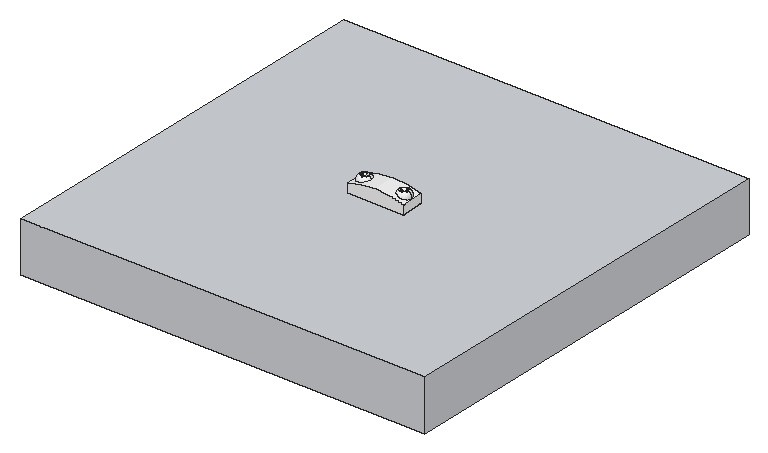
Revit family "LZ_SERIES", category Lighting Fixtures, host Face, Revit 2021
Family settings
  Host = Face
  Round Connector Dimension = Use Diameter
  Part Type = Normal
  OmniClass Number = 23.80.70.11.21
  OmniClass Title = Emergency Lighting
  Cut with Voids When Loaded = No
  Light Source = Yes
  Shared = No
  Room Calculation Point = No
Parameters (values of type "LZ-White")
  Wattage Comments = "5-10 W"
  Wattage = 10 W
  built-in parameter 1150110 = 1 (stored number, unit not read)
  URL = "https://www.currentlighting.com/dual-lite"
  built-in parameter 1114217 = 1 (stored number, unit not read)
  built-in parameter 1150109 = 1 (stored number, unit not read)
  built-in parameter 1150134 = 3
  built-in parameter 1150113 = 1 (stored number, unit not read)
  Reflector = Glass
  Product Page URL = ""
  Product Documentation Link = ""
  Model = "LZ"  # constant formula
  Manufacturer = "Dual-Lite"  # constant formula
  built-in parameter 1150105 = 118.21 (stored number, unit not read)
  Lumens = 1485.42 lm
  built-in parameter 1150115 = 1 (stored number, unit not read)
  Light Source Symbol Size = 0.400"
  built-in parameter 1150137 = (empty or 0)
  built-in parameter 1150139 = (empty or 0)
  built-in parameter 1150112 = 1 (stored number, unit not read)
  built-in parameter 1150114 = 1 (stored number, unit not read)
  Lamp = "2 HALOGEN LAMPS"  # constant formula
  built-in parameter 1150132 = (empty or 0)
  built-in parameter 1150102 = (empty or 0)
  built-in parameter 1150107 = 3200 (stored number, unit not read)
  built-in parameter 1150138 = (empty or 0)
  built-in parameter 1150106 = 1.1821 (stored number, unit not read)
  Family = "Outdoor Emergency Lighting"  # constant formula
  built-in parameter 1150104 = 13.8 (stored number, unit not read)
  Dimming Lamp Color Temperature Shift = <None>
  Description = "Low-profile, easy to install emergency lighting unit"  # constant formula
  Default Elevation = 48.000"
  Color Filter = 16777215
  built-in parameter 1114218 = 1 (stored number, unit not read)
  Backbox = White
  built-in parameter 1150133 = 10 (stored number, unit not read)
Types (3): name | Backbox
  (no name) | White
  LZ-Black | Black
  LZ-White | White
Reference planes (in)
  plane 1 "Center (Front/Back)": y = 0.03999
  plane 2: z = 0.04018
  plane 3 "Center (Left/Right)": x = 0
  plane 4: through (0, 4.17275, 0.82335) normal (0, -0.4384, 0.8988)
  plane 5: x = -6.625
  plane 6: x = 6.625
  plane 7: y = 2.66499
  plane 8: y = -2.58501
  plane 9: z = 3.54412
  plane 10: x = -4.67935
  plane 11: x = -4.68142
  plane 12: x = 4.67935
  plane 13: x = 4.68142
Forms (in)
  Extrusion 1, solid
    sketch origin (0, 0, 0.06357) x (1, 0, 0) y (0, 1, 0)
      loop
        line (-48, 48) -> (-48, -48) -> (48, -48) -> (48, 48) -> (-48, 48)
    from -0.02339 to -12
  Extrusion 2, solid, material "White" <- "Backbox"
    sketch origin (0, 0.03999, 0) x (1, 0, 0) y (0, 0, 1)
      loop
        line (-6.575, 0.04018) -> (6.575, 0.04018)
        arc (6.575, 0.04018) -> (6.61036, 0.05482) -> (6.625, 0.09018) r 0.05
        line (6.625, 0.09018) -> (6.625, 2.17094)
        arc (6.625, 2.17094) -> (6.61546, 2.20032) -> (6.59048, 2.21849) r 0.05
        arc (6.59048, 2.21849) -> (0, 3.32494) -> (-6.59048, 2.21849) r 20.18106
        arc (-6.59048, 2.21849) -> (-6.61546, 2.20032) -> (-6.625, 2.17094) r 0.05
        line (-6.625, 2.17094) -> (-6.625, 0.09018)
        arc (-6.625, 0.09018) -> (-6.61036, 0.05482) -> (-6.575, 0.04018) r 0.05
    from -2.625 to 2.625
  Revolve 3, solid, material "White" <- "Backbox"
    sketch origin (0.8519, 0.03999, 0.09711) x (1, 0, 0) y (0, 0, 1)
      loop
        line (-7.06972, 2.02061) -> (-5.53124, 2.02061) -> (-5.53124, 3.00348)
        arc (-5.53124, 3.00348) -> (-6.01986, 3.12157) -> (-6.41374, 3.4339) r 1.16924
        arc (-6.41374, 3.4339) -> (-6.43069, 3.44562) -> (-6.45125, 3.44413) r 0.03103
        arc (-6.45125, 3.44413) -> (-7.04079, 2.85416) -> (-7.06972, 2.02061) r 1.13807
      axis (-5.53124, 2.02061) -> (-5.53124, 3.44413)
    angle from 0 to 360
  Revolve 4, solid, material "Glass" <- "Reflector"
    sketch origin (-0.00774, 0.03999, -0.0115) x (1, 0, 0) y (0, 0, 1)
      loop
        arc (-5.55508, 3.54412) -> (-5.16134, 3.23255) -> (-4.67369, 3.11295) r 1.17962
        line (-4.67369, 3.11295) -> (-4.67369, 3.14423)
        arc (-4.67369, 3.14423) -> (-5.14079, 3.25505) -> (-5.52408, 3.54412) r 1.17001
        line (-5.52408, 3.54412) -> (-5.55508, 3.54412)
      axis (-4.67369, 3.11295) -> (-4.67369, 3.54412)
    angle from 0 to 360
  Revolve 5, solid, material "White" <- "Backbox"
    sketch origin (-0.8519, 0.03999, 0.09711) x (-1, 0, 0) y (0, 0, 1)
      loop
        line (-7.06972, 2.02061) -> (-5.53124, 2.02061) -> (-5.53124, 3.00348)
        arc (-5.53124, 3.00348) -> (-6.01986, 3.12157) -> (-6.41374, 3.4339) r 1.16924
        arc (-6.41374, 3.4339) -> (-6.43069, 3.44562) -> (-6.45125, 3.44413) r 0.03103
        arc (-6.45125, 3.44413) -> (-7.04079, 2.85416) -> (-7.06972, 2.02061) r 1.13807
      axis (-5.53124, 2.02061) -> (-5.53124, 3.44413)
    angle from 0 to 360
  Revolve 6, solid, material "Glass" <- "Reflector"
    sketch origin (0.00774, 0.03999, -0.0115) x (-1, 0, 0) y (0, 0, 1)
      loop
        arc (-5.55508, 3.54412) -> (-5.16134, 3.23255) -> (-4.67369, 3.11295) r 1.17962
        line (-4.67369, 3.11295) -> (-4.67369, 3.14423)
        arc (-4.67369, 3.14423) -> (-5.14079, 3.25505) -> (-5.52408, 3.54412) r 1.17001
        line (-5.52408, 3.54412) -> (-5.55508, 3.54412)
      axis (-4.67369, 3.11295) -> (-4.67369, 3.54412)
    angle from 0 to 360
Dimensions and locks (in)
  locked: plane 5 to plane 3 "Center (Left/Right)" at 6.625
  locked: plane 6 to plane 3 "Center (Left/Right)" at 6.625
  locked: plane 7 to plane 1 "Center (Front/Back)" at 2.625
  locked: plane 8 to plane 1 "Center (Front/Back)" at 2.625
  locked: plane 9 to Extrusion 1 at 3.50394
  plane 5 to plane 3 "Center (Left/Right)" = 6.625"
  plane 3 "Center (Left/Right)" to plane 10 to plane 5 = 4.67935", 1.94565"
  locked: Revolve 3 sketch curve to Extrusion 1 at 2.07755
  locked: Revolve 3 sketch curve to Extrusion 1 at 2.45759
  plane 3 "Center (Left/Right)" to plane 12 to plane 6 = 4.67935", 1.94565"
  locked: Revolve 5 sketch curve to plane 6 at 1.47992
  locked: plane 13 to plane 6 at 1.94358
  locked: plane 11 to Revolve 4 sketch curve at 0.03078
  locked: Revolve 4 sketch curve to plane 9 at 0.75822
  aligned and locked: plane 2 to Extrusion 1
  aligned and locked: Extrusion 2 sketch curve to Extrusion 1
  aligned and locked: plane 7 to Extrusion 2
  aligned and locked: plane 8 to Extrusion 2
  aligned and locked: plane 5 to Extrusion 2 sketch curve
  aligned and locked: Extrusion 2 sketch curve to plane 6
  aligned and locked: plane 10 to Revolve 3 sketch curve
  aligned and locked: plane 11 to Revolve 4 sketch curve
  aligned and locked: Revolve 4 sketch curve to plane 11
  aligned and locked: Revolve 3 sketch curve to plane 10
  aligned and locked: Revolve 5 sketch curve to plane 12
  aligned and locked: Revolve 6 sketch curve to plane 13
  aligned and locked: plane 13 to Revolve 6 sketch curve
  aligned and locked: plane 12 to Revolve 5 sketch curve
Nested families (in)
  nested 1: "Family1" at (4.68141, 0.03999, -50.66769), type "Family1"
Connectors (in)
  electrical at (0, 0, 0.06357), driven by "Description"
    settings: index 1, voltage 0 V, apparent load 0 VA, apparent load phase1 0 VA, apparent load phase2 0 VA, apparent load phase3 0 VA, power factor 1, load classification "Other", number of poles 1, system type 30, power factor state 1, is connector primary yes, connector utility no, sub classification motor no, connector description "Low-profile, easy to install emergency lighting unit"
Definition of nested family "Family1"
  Parameters
    Wattage = 12.1178 W
    built-in parameter 1150110 = 1 (stored number, unit not read)
    built-in parameter 1114217 = 1 (stored number, unit not read)
    built-in parameter 1150109 = 1 (stored number, unit not read)
    built-in parameter 1150134 = (empty or 0)
    built-in parameter 1150113 = 1 (stored number, unit not read)
    Lumens = 1800 lm
    built-in parameter 1150115 = 1 (stored number, unit not read)
    built-in parameter 1150105 = 143.24 (stored number, unit not read)
    Light Source Symbol Size = 24.000"
    built-in parameter 1150137 = (empty or 0)
    built-in parameter 1150139 = (empty or 0)
    built-in parameter 1150112 = 1 (stored number, unit not read)
    built-in parameter 1150114 = 1 (stored number, unit not read)
    built-in parameter 1150132 = 2
    built-in parameter 1150102 = (empty or 0)
    built-in parameter 1150138 = (empty or 0)
    built-in parameter 1150107 = 3000 (stored number, unit not read)
    built-in parameter 1150106 = 1.4324 (stored number, unit not read)
    built-in parameter 1150104 = 13.8 (stored number, unit not read)
    Dimming Lamp Color Temperature Shift = (empty or 0)
    Default Elevation = 0.000"
    Color Filter = 16777215
    built-in parameter 1114218 = 1 (stored number, unit not read)
    built-in parameter 1150133 = 10 (stored number, unit not read)
  Reference planes (in)
    plane 1 "Light Source Axis (F/B)": y = 0
    plane 2: z = 0
    plane 3 "Light Source Axis (L/R)": x = 0
    plane 4 "Light Source Elevation": z = 54
  Dimensions and locks (in)
    aligned and locked: plane 3 "Light Source Axis (L/R)" to imposter light
    aligned and locked: plane 1 "Light Source Axis (F/B)" to imposter light
    aligned and locked: plane 4 "Light Source Elevation" to imposter light
    aligned and locked: level to plane 2
